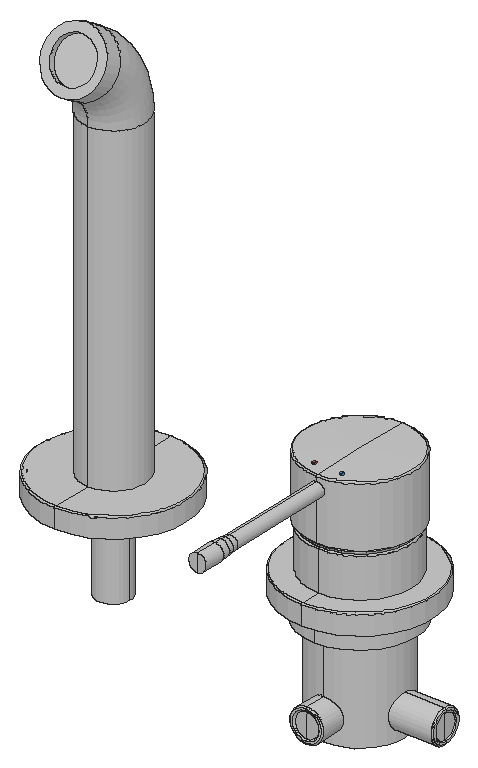
Revit family "Reece_Tap_Grohe_Essence New_Basin Mixer_Set_180mm", category Plumbing Fixtures, host Face, Revit 2018
Family settings
  Host = Face
  Round Connector Dimension = Use Diameter
  Part Type = Normal
  Cut with Voids When Loaded = No
  Shared = Yes
  Room Calculation Point = Yes
Parameters (values of type "Brushed Nickel")
  WFU = 0  # constant formula
  URL = "https://www.reece.com.au/product/-9509059"
  Type Comments = "Tap"
  Reece_Tap_Reach = 183 mm  # constant formula
  Reece_Tap_Inlet = 12 mm  # constant formula
  Reece_Stand_Baseplate_Radius = 32.5 mm  # constant formula
  Reece_Product_Web Page = "https://www.reece.com.au/product/-9509059"
  Reece_Product_Type = "Tap"  # constant formula
  Reece_Product_Sub Brand = "Essence New"  # constant formula
  Reece_Product_Number = "9509059"
  Reece_Product_Mount = "Wall Mounted"
  Reece_Product_Description = "Grohe Essence New Wall Basin Mixer Tap Set 180mm Brushed Nickel (5 Star)"
  Reece_Product_Brand = "Grohe"  # constant formula
  Reece_Overall_Width = 175 mm  # constant formula
  Reece_Overall_Projection = 195.1 mm  # constant formula
  Reece_Material_Tap_Hot = Render_Hot_Water_Cap
  Reece_Material_Tap_Cold = Render_Cold_Water_Cap
  Reece_Material-Main = Reece_Brass_Brushed Nickel
  Reece_Detail_Shape = ""
  Reece_Detail_Installation = "Basin Mixer"  # constant formula
  Reece_Detail_Disclaimer = "THIS FILE IS THE PROPERTY OF THE REECE GROUP. IT MAY NOT BE REPRODUCED, REVERSE-ENGINEERED OR MODIFIED. ANY REPUBLICATION, TRANSMISSION OR DISTRIBUTION FOR THE PURPOSE OF COMMERCIALLY EXPLOITING THE FILES IS PROHIBITED."  # constant formula
  Reece_Detail_Connector = ""
  Reece_Detail_Additional = "Wall Mounted"  # constant formula
  Model = "Essence New"
  Manufacturer = "Grohe"
  Keynote = "Product #9509059, Reece_Tap_Grohe_Essence New_Basin Mixer_Set_180mm - Brushed Nickel"
  HWFU = 0  # constant formula
  Disclaimer = "THIS FILE IS THE PROPERTY OF THE REECE GROUP. IT MAY NOT BE REPRODUCED, REVERSE-ENGINEERED OR MODIFIED. ANY REPUBLICATION, TRANSMISSION OR DISTRIBUTION FOR THE PURPOSE OF COMMERCIALLY EXPLOITING THE FILES IS PROHIBITED."  # constant formula
  Description = "Grohe Essence New Wall Basin Mixer Tap Set 180mm Brushed Nickel (5 Star)"
  Default Elevation = 1000 mm
  CWFU = 0  # constant formula
Types (5, lengths in mm): name | URL | Reece_Product_Web Page | Reece_Product_Number | Reece_Product_Description | Reece_Material-Main | Keynote | Description
  (no name) | "https://www.reece.com.au/product/-9509061" | "https://www.reece.com.au/product/-9509061" | "9509061" | "Grohe Essence New Wall Basin Mixer Tap Set 180mm Brushed Cool Sunrise (5 Star)" | Reece_Metal_Brushed_Cool Sunrise | "Product #9509061, Reece_Tap_Grohe_Essence New_Basin Mixer_Set_180mm -  " | "Grohe Essence New Wall Basin Mixer Tap Set 180mm Brushed Cool Sunrise (5 Star)"
  Chrome | "https://www.reece.com.au/product/-9506905" | "https://www.reece.com.au/product/-9506905" | "9506905" | "Grohe Essence New Wall Basin Mixer Tap Set 180mm Chrome (5 Star)" | Reece_Brass_Chrome | "Product #9506905, Reece_Tap_Grohe_Essence New_Basin Mixer_Set_180mm - Chrome" | "Grohe Essence New Wall Basin Mixer Tap Set 180mm Chrome (5 Star)"
  Hard Graphite | "https://www.reece.com.au/product/-9509060" | "https://www.reece.com.au/product/-9509060" | "9509060" | "Grohe Essence New Wall Basin Mixer Tap Set 180mm Hard Graphite (5 Star)" | Reece_Metal_Hard Graphite | "Product #9509060, Reece_Tap_Grohe_Essence New_Basin Mixer_Set_180mm - Hard Graphite" | "Grohe Essence New Wall Basin Mixer Tap Set 180mm Hard Graphite (5 Star)"
  Brushed Nickel | "https://www.reece.com.au/product/-9509059" | "https://www.reece.com.au/product/-9509059" | "9509059" | "Grohe Essence New Wall Basin Mixer Tap Set 180mm Brushed Nickel (5 Star)" | Reece_Brass_Brushed Nickel | "Product #9509059, Reece_Tap_Grohe_Essence New_Basin Mixer_Set_180mm - Brushed Nickel" | "Grohe Essence New Wall Basin Mixer Tap Set 180mm Brushed Nickel (5 Star)"
  Brushed Cool Sunrise | "https://www.reece.com.au/product/-9509061" | "https://www.reece.com.au/product/-9509061" | "9509061" | "Grohe Essence New Wall Basin Mixer Tap Set 180mm Brushed Cool Sunrise (5 Star)" | Reece_Metal_Brushed_Cool Sunrise | "Product #9509061, Reece_Tap_Grohe_Essence New_Basin Mixer_Set_180mm - Brushed Cool Sunrise" | "Grohe Essence New Wall Basin Mixer Tap Set 180mm Brushed Cool Sunrise (5 Star)"
Reference planes
  plane 1 "Center (Front/Back)": y = 0
  plane 2: z = 0
  plane 3 "Center (Left/Right)": x = 0
  plane 4: x = -55
  plane 5: x = 55
  plane 6: y = -35.7
  plane 7: y = -90.5
  plane 8: z = 183
  plane 9: x = -87.5
  plane 10: x = 87.5
  plane 11: z = 195.1
Forms (mm)
  Revolve 1, solid, material "Reece_Brass_Brushed Nickel" <- "Reece_Material-Main"
    sketch origin (-55, 0, 23) x (0, 1, 0) y (0, 0, 1)
      loop
        line (12, -14) -> (12, -16) -> (30.456, -16) -> (30.456, -23) -> (32.5, -23) -> (32.5, -14.512)
        arc (32.5, -14.512) -> (32.35, -14.15) -> (31.988, -14) r 0.512
        line (31.988, -14) -> (12, -14)
      axis (0, -14) -> (0, -23)
    angle from 0 to 360
  Sweep 2, solid, material "Reece_Brass_Brushed Nickel" <- "Reece_Material-Main"
    path origin (-55, 0, 0) x (0, 1, 0) y (0, 0, 1)
      loop
        line (0, 0) -> (0, 152.948)
        arc (0, 152.948) -> (-4.019, 167.948) -> (-15, 178.929) r 30
        line (-15, 178.929) -> (-22.051, 183)
    profile origin (-55, 0, 76.474) x (0, -1, 0) y (1, 0, 0)
      loop
        circle (0, 0) r 14
      loop
        circle (0, 0) r 10
  Revolve 3, void
    sketch origin (-55, 0, 39.453) x (0, 1, 0) y (0, 0, 1)
      loop
        line (-20, -39.453) -> (-20, -95.011) -> (0, -95.011) -> (0, -39.453) -> (-20, -39.453)
      axis (0, -39.453) -> (0, -95.011)
    angle from 0 to 360
  Revolve 4, solid, material "Reece_Brass_Brushed Nickel" <- "Reece_Material-Main"
    sketch origin (55, 0, 23) x (0, 1, 0) y (0, 0, -1)
      loop
        line (12, 14) -> (31.988, 14)
        arc (31.988, 14) -> (32.35, 14.15) -> (32.5, 14.512) r 0.512
        line (32.5, 14.512) -> (32.5, 23) -> (30.456, 23) -> (30.456, 16) -> (12, 16) -> (12, 14)
      axis (0, 14) -> (0, 23)
    angle from 0 to 360
  Revolve 5, void
    sketch origin (55, 0, 39.453) x (0, 1, 0) y (0, 0, -1)
      loop
        line (-25, 39.453) -> (0, 39.453) -> (0, 96.191) -> (-25, 96.191) -> (-25, 39.453)
      axis (0, 39.453) -> (0, 96.191)
    angle from 0 to 360
  Revolve 6, solid, material "Reece_Brass_Brushed Nickel" <- "Reece_Material-Main"
    sketch origin (55, -2.334, -116) x (0, 1, 0) y (0, 0, 1)
      loop
        arc (2.5, 173) -> (-9.308, 172.91) -> (-21.109, 172.514) r 455.117
        arc (-21.109, 172.514) -> (-21.504, 172.334) -> (-21.666, 171.931) r 0.584
        line (-21.666, 171.931) -> (-21.666, 145.342) -> (-20.068, 145.342) -> (-20.166, 146.19) -> (-20.166, 149.9) -> (2.5, 149.9) -> (2.5, 173)
      axis (2.5, 173) -> (2.5, 145.342)
    angle from 0 to 360
  Revolve 7, solid, material "Reece_Brass_Brushed Nickel" <- "Reece_Material-Main"
    sketch origin (55, -276.273, 243.721) x (0, -0.990268, -0.139173) y (0, 0.139173, -0.990268)
      loop
        arc (-166.132, 222.142) -> (-167.895, 222.331) -> (-169.667, 222.404) r 27.035
        line (-169.667, 222.404) -> (-172.075, 222.424)
        arc (-172.075, 222.424) -> (-173.404, 222.479) -> (-174.726, 222.621) r 20.282
        line (-174.726, 222.621) -> (-225.984, 229.825) -> (-226.423, 226.698) -> (-157.108, 216.956) -> (-156.568, 220.798) -> (-166.132, 222.142)
      axis (-157.108, 216.956) -> (-226.423, 226.698)
    angle from 0 to 360
  Revolve 8, solid, material "Render_Hot_Water_Cap" <- "Reece_Material_Tap_Hot"
    sketch origin (48.869, -97.842, 42.485) x (0, 0.053171, -0.998585) y (0, -0.998585, -0.053171)
      loop
        line (-9.096, -80.7) -> (-10.011, -80.7) -> (-10.011, -81.5) -> (-9.096, -81.5) -> (-9.096, -80.7)
      axis (-9.096, -80.7) -> (-10.096, -80.7)
    angle from 0 to 360
  Revolve 9, solid, material "Render_Cold_Water_Cap" <- "Reece_Material_Tap_Cold"
    sketch origin (61.131, -97.842, 42.485) x (0, 0.053171, -0.998585) y (0, 0.998585, 0.053171)
      loop
        line (-9.096, 80.7) -> (-9.096, 81.5) -> (-10.011, 81.5) -> (-10.011, 80.7) -> (-9.096, 80.7)
      axis (-9.096, 80.7) -> (-10.096, 80.7)
    angle from 0 to 360
  Revolve 10, solid, material "Reece_Brass_Brushed Nickel" <- "Reece_Material-Main"
    sketch origin (55, 0, -2.659) x (0, 1, 0) y (0, 0, 1)
      loop
        line (-21.5, 7) -> (0, 7) -> (0, 35.659) -> (-15.05, 35.659) -> (-15.05, 39.49)
        arc (-15.05, 39.49) -> (-19.066, 35.246) -> (-22.489, 30.511) r 44.331
        arc (-22.489, 30.511) -> (-22.519, 30.098) -> (-22.196, 29.842) r 0.442
        line (-22.196, 29.842) -> (-21.215, 29.659) -> (-22.476, 29.659)
        arc (-22.476, 29.659) -> (-22.846, 29.506) -> (-23, 29.135) r 0.524
        line (-23, 29.135) -> (-23, 4.5) -> (-21.5, 4.5) -> (-21.5, 7)
      axis (0, 39.49) -> (0, 4.5)
    angle from 0 to 360
  Extrusion 11, solid, material "Reece_Brass_Brushed Nickel" <- "Reece_Material-Main"
    sketch origin (-55, -24.649, 184.5) x (1, 0, 0) y (0, 0.5, 0.866025)
      loop
        circle (0, 0) r 10
    from -10 to -5.44
  Revolve 12, solid, material "Reece_Brass_Brushed Nickel" <- "Reece_Material-Main"
    sketch origin (0, 0, 0) x (1, 0, 0) y (0, 0, 1)
      loop
        line (-69, 0) -> (-69, -4.147)
        arc (-69, -4.147) -> (-68.567, -5.192) -> (-67.522, -5.625) r 1.478
        line (-67.522, -5.625) -> (-62.5, -5.625) -> (-62.5, -40.018) -> (-55, -40.018) -> (-55, 0) -> (-69, 0)
      axis (-55, 0) -> (-55, -40.018)
    angle from 0 to 360
  Revolve 13, solid, material "Reece_Brass_Brushed Nickel" <- "Reece_Material-Main"
    sketch origin (55, 118.077, 1219.2) x (0, 1, 0) y (0, 0, 1)
      loop
        line (-118.077, -1219.2) -> (-143.077, -1219.2) -> (-143.077, -1229.2) -> (-138.077, -1229.2) -> (-138.077, -1271.2) -> (-118.077, -1271.2) -> (-118.077, -1219.2)
      axis (-118.077, -1271.2) -> (-118.077, -1219.2)
    angle from 0 to 360
  Revolve 14, solid, material "Reece_Brass_Brushed Nickel" <- "Reece_Material-Main"
    sketch origin (55, 0, -15) x (1, 0, 0) y (0, 0, 1)
      loop
        line (0, -26) -> (37.912, -26) -> (37.912, -20.608) -> (38.5, -20.019) -> (38.5, -19.088) -> (37.912, -18.5) -> (0, -18.5) -> (0, -26)
      axis (0, -26) -> (38.5, -26)
    angle from 0 to 360
  Revolve 15, solid, material "Reece_Brass_Brushed Nickel" <- "Reece_Material-Main"
    sketch origin (55, -118.125, 1209.067) x (0, -1, 0) y (0, 0, -1)
      loop
        line (-118.077, 1250.2) -> (-118.077, 1242.7) -> (-88.666, 1242.7) -> (-88.077, 1243.288) -> (-88.077, 1244.219) -> (-88.666, 1244.808) -> (-88.666, 1250.2) -> (-118.077, 1250.2)
      axis (-118.077, 1250.2) -> (-88.077, 1250.2)
    angle from 0 to 360
Cuts and joins
  Revolve 5 cuts Sweep 2
  joined: Revolve 1, Sweep 2, Revolve 4, Revolve 6, Revolve 7, Revolve 10
  joined: Revolve 12, Revolve 13, Revolve 14, Revolve 15
Text (mm)
  text "Reece Copyright © 2018, Reece Ltd." at (-528.639, -203.698, 0), in view "Ref. Level"
  text "Reece ©" at (-7.653, 198.338, 183.77), in view "Reece Preview"
Dimensions and locks
  plane 4 to plane 3 "Center (Left/Right)" = 55 mm
  "Reece_Stand_Baseplate_Radius": Revolve 1 sketch curve to Revolve 1 sketch curve
  Revolve 3 sketch curve to Revolve 3 sketch curve = 20 mm
  "Reece_Stand_Baseplate_Radius": Revolve 4 sketch curve to Revolve 4 sketch curve
  Revolve 5 sketch curve to Revolve 5 sketch curve = 25 mm
  locked: plane 6 to plane 7 at 54.8
  plane 4 to plane 5 = 110 mm
  "Reece_Tap_Reach": plane 8 to host face
  "Reece_Overall_Width": plane 9 to plane 10
  "Reece_Overall_Projection": plane 11 to host face
  aligned and locked: plane 2 to host face
  aligned and locked: level to host face
  aligned and locked: Revolve 3 sketch curve to Revolve 3 sketch curve
  aligned and locked: Revolve 5 sketch curve to Revolve 5 sketch curve
  aligned and locked: Revolve 6 sketch curve to Revolve 6 sketch curve
Automatic sketch dimensions
  host sketch curve to host sketch curve = 481.758 mm
  host sketch curve to host sketch curve = 479.681 mm
  Sweep 2 sketch curve to plane 8 = 0 mm
  Sweep 2 sketch curve to plane 1 "Center (Front/Back)" = 0 mm
  Sweep 2 sketch curve to level = 0 mm
  Sweep 2 sketch curve to plane 8 = 4.071 mm
  Sweep 2 sketch curve to Sweep 2 sketch curve = 0 mm  (x2)
  Sweep 2 sketch curve to profile plane = 0 mm  (x2)
  Revolve 3 sketch curve to level = 0 mm
  Revolve 3 sketch curve to plane 1 "Center (Front/Back)" = 0 mm
  Revolve 3 sketch curve to level = 55.557 mm
  Revolve 3 sketch curve to Revolve 3 sketch curve = 245.799 mm
  plane 8 to Revolve 3 sketch curve = 1991.707 mm
  Revolve 5 sketch curve to level = 0 mm
  Revolve 5 sketch curve to plane 1 "Center (Front/Back)" = 0 mm
  Revolve 5 sketch curve to level = 56.738 mm
  plane 8 to Revolve 5 sketch curve = 1991.707 mm
  Revolve 5 sketch curve to Revolve 5 sketch curve = 244.619 mm
  Revolve 6 sketch curve to Revolve 6 sketch curve = 0.584 mm
  plane 1 "Center (Front/Back)" to Revolve 6 sketch curve = 2.279 mm
  Revolve 6 sketch curve to plane 1 "Center (Front/Back)" = 0.166 mm
  Revolve 6 sketch curve to level = 398.11 mm
  level to Revolve 6 sketch curve = 29.342 mm
  Revolve 6 sketch curve to Revolve 6 sketch curve = 0.848 mm
  Revolve 6 sketch curve to Revolve 6 sketch curve = 3.71 mm
  Revolve 6 sketch curve to Revolve 6 sketch curve = 22.031 mm
  Revolve 6 sketch curve to Revolve 6 sketch curve = 23.1 mm
  Revolve 6 sketch curve to Revolve 6 sketch curve = 58.7 mm
  plane 8 to Revolve 6 sketch curve = 2051.364 mm
  Revolve 7 sketch curve to plane 7 = 0 mm  (x2)
  level to Revolve 7 sketch curve = 50.742 mm
  Revolve 7 sketch curve to Revolve 7 sketch curve = 0.439 mm
  Revolve 7 sketch curve to Revolve 7 sketch curve = 17.619 mm
  Revolve 7 sketch curve to Revolve 7 sketch curve = 2.652 mm
  Revolve 7 sketch curve to Revolve 7 sketch curve = 2.823 mm
  Revolve 7 sketch curve to Revolve 7 sketch curve = 12.787 mm
  Revolve 7 sketch curve to Revolve 7 sketch curve = 2.408 mm
  Revolve 7 sketch curve to Revolve 7 sketch curve = 8.117 mm
  Revolve 7 sketch curve to Revolve 7 sketch curve = 82.121 mm
  Revolve 7 sketch curve to Revolve 7 sketch curve = 11.541 mm
  Revolve 7 sketch curve to Revolve 7 sketch curve = 1.141 mm
  level to Revolve 8 sketch curve = 56.815 mm
  Revolve 8 sketch curve to Revolve 8 sketch curve = 0.915 mm
  Revolve 8 sketch curve to Revolve 8 sketch curve = 0.8 mm
  Revolve 8 sketch curve to Revolve 8 sketch curve = 5.008 mm
  Revolve 8 sketch curve to Revolve 8 sketch curve = 6.185 mm
  Revolve 8 sketch curve to Revolve 8 sketch curve = 0 mm
  level to Revolve 9 sketch curve = 56.815 mm
  Revolve 9 sketch curve to Revolve 9 sketch curve = 0.915 mm
  Revolve 9 sketch curve to Revolve 9 sketch curve = 0.8 mm
  Revolve 9 sketch curve to Revolve 9 sketch curve = 5.008 mm
  Revolve 9 sketch curve to Revolve 9 sketch curve = 6.185 mm
  Revolve 9 sketch curve to Revolve 9 sketch curve = 0 mm
  Revolve 10 sketch curve to plane 1 "Center (Front/Back)" = 0 mm  (x2)
  Revolve 10 sketch curve to Revolve 10 sketch curve = 0.28 mm
  level to Revolve 10 sketch curve = 4.304 mm
  Revolve 10 sketch curve to plane 1 "Center (Front/Back)" = 15.071 mm
  level to Revolve 10 sketch curve = 1.841 mm
  Revolve 10 sketch curve to Revolve 10 sketch curve = 2.5 mm
  Revolve 10 sketch curve to Revolve 10 sketch curve = 22.135 mm
  Revolve 10 sketch curve to Revolve 10 sketch curve = 0 mm
  Revolve 10 sketch curve to Revolve 10 sketch curve = 0.182 mm
  Revolve 10 sketch curve to Revolve 10 sketch curve = 6 mm
  Revolve 10 sketch curve to Revolve 10 sketch curve = 3.83 mm
  Revolve 10 sketch curve to level = 343.469 mm
  plane 8 to Revolve 10 sketch curve = 2215.711 mm
  Extrusion 11 sketch curve to plane 4 = 0 mm
  Extrusion 11 sketch curve to Extrusion 11 sketch curve = 10 mm
  Extrusion 11 sketch curve to Extrusion 11 sketch curve = 0 mm
  Revolve 12 sketch curve to level = 0 mm
  Revolve 12 sketch curve to plane 4 = 0 mm  (x2)
  Revolve 12 sketch curve to plane 4 = 7.5 mm
  Revolve 12 sketch curve to Revolve 12 sketch curve = 5.022 mm
  Revolve 12 sketch curve to Revolve 12 sketch curve = 1.478 mm
  Revolve 12 sketch curve to level = 4.147 mm
  Revolve 12 sketch curve to Revolve 12 sketch curve = 34.393 mm
  Revolve 12 sketch curve to Revolve 12 sketch curve = 20.815 mm
  Revolve 12 sketch curve to Revolve 12 sketch curve = 16.573 mm
  Revolve 13 sketch curve to level = 0 mm
  Revolve 13 sketch curve to plane 1 "Center (Front/Back)" = 0 mm  (x2)
  Revolve 13 sketch curve to Revolve 13 sketch curve = 10 mm
  Revolve 13 sketch curve to Revolve 13 sketch curve = 42 mm
  Revolve 13 sketch curve to Revolve 13 sketch curve = 38 mm
  level to Revolve 13 sketch curve = 90.071 mm
  plane 5 to Revolve 14 sketch curve = 0 mm  (x2)
  Revolve 14 sketch curve to plane 5 = 37.912 mm
  Revolve 14 sketch curve to Revolve 14 sketch curve = 0 mm  (x2)
  Revolve 14 sketch curve to Revolve 14 sketch curve = 0.588 mm  (x2)
  Revolve 14 sketch curve to level = 41 mm
  Revolve 14 sketch curve to Revolve 14 sketch curve = 5.392 mm
  Revolve 14 sketch curve to Revolve 14 sketch curve = 0.931 mm
  Revolve 14 sketch curve to Revolve 14 sketch curve = 7.5 mm
  Revolve 14 sketch curve to Revolve 14 sketch curve = 12 mm
  plane 1 "Center (Front/Back)" to Revolve 15 sketch curve = 0.047 mm
  Revolve 15 sketch curve to Revolve 15 sketch curve = 0 mm  (x3)
  Revolve 15 sketch curve to Revolve 15 sketch curve = 0.588 mm  (x3)
  Revolve 15 sketch curve to level = 33.633 mm
  Revolve 15 sketch curve to Revolve 15 sketch curve = 0.931 mm
  Revolve 15 sketch curve to Revolve 15 sketch curve = 7.5 mm
  Revolve 15 sketch curve to Revolve 15 sketch curve = 3.5 mm
  plane 1 "Center (Front/Back)" to Sweep 2 sketch curve = 15 mm
  plane 1 "Center (Front/Back)" to Sweep 2 sketch curve = 30 mm
  Sweep 2 sketch curve to Sweep 2 sketch curve = 7.051 mm
  plane 1 "Center (Front/Back)" to Revolve 6 sketch curve = 22.402 mm
  Revolve 6 sketch curve to Revolve 6 sketch curve = 0.098 mm
  Revolve 6 sketch curve to Revolve 6 sketch curve = 0.916 mm
  Revolve 7 sketch curve to Revolve 7 sketch curve = 51.257 mm
  plane 1 "Center (Front/Back)" to Revolve 8 sketch curve = 16.989 mm
  plane 1 "Center (Front/Back)" to Revolve 9 sketch curve = 16.989 mm
  plane 1 "Center (Front/Back)" to Revolve 10 sketch curve = 15.05 mm
  Revolve 10 sketch curve to Revolve 10 sketch curve = 6.165 mm
  plane 1 "Center (Front/Back)" to Revolve 10 sketch curve = 21.5 mm
  Revolve 10 sketch curve to Revolve 10 sketch curve = 0.9 mm
  Revolve 10 sketch curve to Revolve 10 sketch curve = 0.081 mm
  Revolve 10 sketch curve to Revolve 10 sketch curve = 1.5 mm
  plane 1 "Center (Front/Back)" to Revolve 13 sketch curve = 20 mm
  Revolve 13 sketch curve to Revolve 13 sketch curve = 5 mm
  Revolve 15 sketch curve to Revolve 15 sketch curve = 29.412 mm
  Revolve 1 sketch curve to plane 1 "Center (Front/Back)" = 0 mm
  Revolve 1 sketch curve to level = 0 mm
  Revolve 1 sketch curve to plane 1 "Center (Front/Back)" = 12 mm
  Revolve 1 sketch curve to Revolve 1 sketch curve = 2.044 mm
  Revolve 1 sketch curve to Revolve 1 sketch curve = 0.512 mm
  level to Revolve 1 sketch curve = 7 mm
  Revolve 1 sketch curve to Revolve 1 sketch curve = 1.488 mm
  Revolve 1 sketch curve to level = 317.81 mm
  plane 11 to Revolve 1 sketch curve = 562.708 mm
  Revolve 4 sketch curve to plane 1 "Center (Front/Back)" = 0 mm
  Revolve 4 sketch curve to level = 0 mm
  Revolve 4 sketch curve to plane 1 "Center (Front/Back)" = 12 mm
  Revolve 4 sketch curve to Revolve 4 sketch curve = 2.044 mm
  Revolve 4 sketch curve to Revolve 4 sketch curve = 0.512 mm
  level to Revolve 4 sketch curve = 7 mm
  Revolve 4 sketch curve to Revolve 4 sketch curve = 1.488 mm
  plane 11 to Revolve 4 sketch curve = 562.708 mm
  Revolve 4 sketch curve to level = 317.81 mm
  radius of Sweep 2 sketch curve = 14 mm
  radius of Sweep 2 sketch curve = 10 mm
Connectors
  piping at (-55, 0, -40.018), diameter 12, driven by "Reece_Tap_Inlet"
    settings: on cut or joined group of Revolve 12, Revolve 13, Revolve 14, Revolve 15, index 1, connector inside diameter 609.6 mm, connector length 0 mm, flow factor 0, pipe flow 0.0 L/s, pressure drop 0.0 Pa, fitting loss kfactor 0, connector angle 0.00°, fixture units 0, engagement length 0 mm, angle of deflection 0.00°, flow configuration 0, flow direction 1, fitting loss method 0, system type 29, joint type 0, gender type 0, connector reference index -1, connector utility 0, adjustable connector no, is connector primary yes, connector description ""
  piping at (92.912, 0, -41), diameter 12, driven by "Reece_Tap_Inlet"
    settings: on cut or joined group of Revolve 12, Revolve 13, Revolve 14, Revolve 15, index 2, connector inside diameter 609.6 mm, connector length 0 mm, flow factor 0, pipe flow 0.0 L/s, pressure drop 0.0 Pa, fitting loss kfactor 0, connector angle 0.00°, fixture units 0, engagement length 0 mm, angle of deflection 0.00°, flow configuration 0, flow direction 1, fitting loss method 0, system type 29, joint type 0, gender type 0, connector reference index -1, connector utility 0, adjustable connector no, is connector primary no, connector description ""
  piping at (55, -29.459, -41.133), diameter 12, driven by "Reece_Tap_Inlet"
    settings: on cut or joined group of Revolve 12, Revolve 13, Revolve 14, Revolve 15, index 3, connector inside diameter 609.6 mm, connector length 0 mm, flow factor 0, pipe flow 0.0 L/s, pressure drop 0.0 Pa, fitting loss kfactor 0, connector angle 0.00°, fixture units 0, engagement length 0 mm, angle of deflection 0.00°, flow configuration 0, flow direction 2, fitting loss method 0, system type 29, joint type 0, gender type 0, connector reference index -1, connector utility 0, adjustable connector no, is connector primary no, connector description ""
